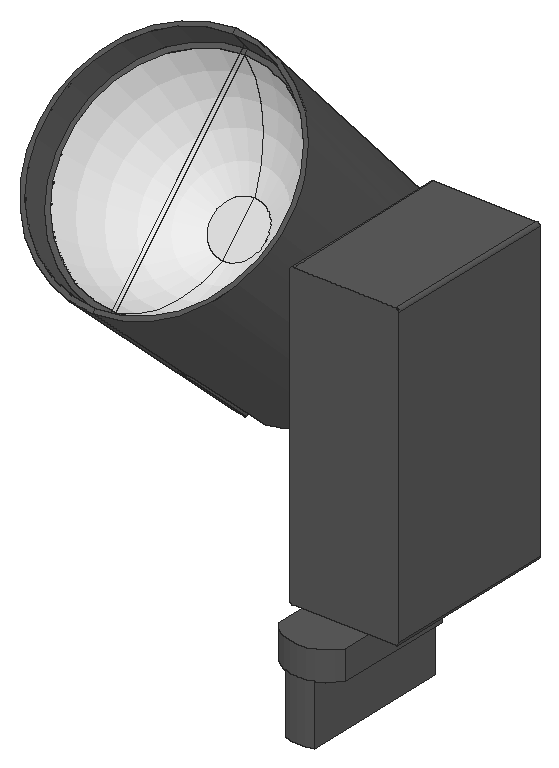
Revit family "0004951 Feilo Sylvania Lighting Fixture START TRACK SPOT L DALI 3616LM 940 MB BLK", category Lighting Fixtures, host Face, Revit 2017 (continued)
Definition of nested family "Start Track Spot Head"
  Types (96, lengths in mm): name | Wattage | built-in parameter 1150134 | Photometric Web File | Model | built-in parameter 1150105 | Lumens | built-in parameter 1150107 | built-in parameter 1150106 | HeadThickness_FEILO | HeadRibOffset_FEILO | HeadRibDepth_FEILO | HeadRibCutWidth_FEILO | HeadRibCutOffset_FEILO | HeadReflectorRadius_FEILO | HeadReflectorOffset_FEILO | HeadLEDRadius_FEILO | HeadHeight_FEILO | HeadDiffusorOffset_FEILO | HeadDiaOut_FEILO | HeadDiaIn_FEILO | HeadAxisFromTop_FEILO | Emit from Circle Diameter | built-in parameter 1150104 | Description | Apparent Load
    0004812 START TRACK SPOT S 14W 3K RA80 MB WHITE | 14 W | (empty or 0) | "0004812.ies" | "START TRACK SPOT S 14W 3K RA80 MB WHITE" | 120.32 (stored number, unit not read) | 1512 lm | 3000 (stored number, unit not read) | 1.2032 (stored number, unit not read) | 1.5 | 4.179 | 55.714 | 7.167 | 50.87 | 50.588 | 55.714 | 9.556 | 117 | 9.435 | 86 | 77.477 | 69.354 | 77.477 | 10.034 (stored number, unit not read) | "Integrated LED spotlight, Textured White - RAL9016, compact and minimalist design, ideal for retail applications, die-cast aluminium body, passive cooling heatsink. Beam angle: 36°, color temperature: 3000K , total system power: 14W, total fixture output: 1508 lm, LOR: 100%, colour rendering: Ra: 80 typical, LED Chromaticity: 3 step MacAdam ellipse, lifetime: >50000 hours at L70B50, energy class: A++, A+, A, IR/UV free light source without heat radiation, operating voltage: 220-240V / 50-60Hz, drive current: 350mA, electronic driver, non-dimmable, power factor: 0.92, electrical protection: Class II, Global Track 3 Phase adapter suitable for Global trac 3-circuit tracks, ingress protection rating: IP20, suitable for internal environment only, horizontal rotation: 355°, vertical tilt: 90°, dimensions: Ø86x140x200, weight: 0.940kg." | 14 VA
    0004811 START TRACK SPOT S 14W 3K RA80 NB WHITE | 14 W | (empty or 0) | "0004811.ies" | "START TRACK SPOT S 14W 3K RA80 NB WHITE" | 123.66 (stored number, unit not read) | 1554 lm | 3000 (stored number, unit not read) | 1.2366 (stored number, unit not read) | 1.5 | 4.179 | 55.714 | 7.167 | 50.87 | 50.588 | 55.714 | 9.556 | 117 | 9.435 | 86 | 77.477 | 69.354 | 77.477 | 10.312 (stored number, unit not read) | "Integrated LED spotlight, Textured White - RAL9016, compact and minimalist design, ideal for retail applications, die-cast aluminium body, passive cooling heatsink. Beam angle: 12°, color temperature: 3000K , total system power: 14W, total fixture output: 1551 lm, LOR: 100%, colour rendering: Ra: 80 typical, LED Chromaticity: 3 step MacAdam ellipse, lifetime: >50000 hours at L70B50, energy class: A++, A+, A, IR/UV free light source without heat radiation, operating voltage: 220-240V / 50-60Hz, drive current: 350mA, electronic driver, non-dimmable, power factor: 0.92, electrical protection: Class II, Global Track 3 Phase adapter suitable for Global trac 3-circuit tracks, ingress protection rating: IP20, suitable for internal environment only, horizontal rotation: 355°, vertical tilt: 90°, dimensions: Ø86x140x200, weight: 0.940kg." | 14 VA
  Reference planes
    plane 1 "Center (Front/Back)": y = 0
    plane 2: z = 0
    plane 3 "Center (Left/Right)": x = 0
    plane 4: x = 43
    plane 5: x = -43
    plane 6: x = -38.739
    plane 7: x = 38.739
    plane 8: z = 69.354
    plane 9: z = -47.646
    plane 10: x = -41.5
    plane 11: x = -37.239
    plane 12: z = -38.211
    plane 13: z = -35.211
    plane 14: z = 8.068
    plane 15: x = -9.556
    plane 16: x = -28.667
    plane 17: x = -19.111
    plane 18: x = -27.167
    plane 19: x = -17.611
    plane 20: x = -8.056
    plane 21: z = 13.64
    plane 22: x = -29.667
    plane 23: x = -26.167
    plane 24: x = -20.111
    plane 25: x = -16.611
    plane 26: x = -10.556
    plane 27: x = -7.056
    plane 28: x = -36.239
    plane 29: x = -40.5
    plane 30: z = 65.175
    plane 31: z = 60.997
    plane 32: z = 56.818
    plane 33: z = 18.484
    plane 34: y = -43
    plane 35: y = 43
    plane 36: y = 3.583
    plane 37: y = -3.583
    plane 38: y = -2.583
    plane 39: y = 2.583
    plane 40: y = 46
    plane 41: z = 13.5
    plane 42: z = -13.5
    plane 43: y = 39
    plane 44: x = 4.708
    plane 45: x = -2.458
    plane 46: x = -1.458
    plane 47: x = 1.458
  Forms (mm)
    Extrusion 1, solid
      sketch origin (4.2, 0, 0) x (1, 0, 0) y (0, 1, 0)
        loop
          line (-1219.2, 1219.2) -> (-1219.2, -1219.2) -> (1219.2, -1219.2) -> (1219.2, 1219.2) -> (-1219.2, 1219.2)
      from 0 to -68.017
    Revolve 2, solid, material <- "Material_1_FEILO", detail levels medium+fine
      sketch origin (0, 0, 0) x (1, 0, 0) y (0, 0, 1)
        loop
          line (-43, -47.646) -> (-41.5, -47.646) -> (-40.5, -35.211) -> (-38.739, -35.211)
          arc (-38.739, -35.211) -> (-30.16, -9.517) -> (-9.556, 8.068) r 50.588
          line (-9.556, 8.068) -> (0, 8.068) -> (0, 13.64) -> (-16.611, 13.64) -> (-17.611, 60.997) -> (-19.111, 60.997) -> (-20.111, 13.64) -> (-36.239, 13.64) -> (-37.239, 69.354) -> (-38.739, 69.354) -> (-43, -47.646)
        axis (0, 69.354) -> (0, -47.646)
      angle from 360 to 0
    Extrusion 3, void
      sketch origin (0, 0, 0) x (0, 1, 0) y (0, 0, 1)
        loop
          line (-3.583, 69.354) -> (-2.583, 18.484) -> (1.932, 18.484) -> (2.932, 69.354) -> (-3.583, 69.354)
      from 43 to -43
    Revolve 4, solid, material <- "Material_2_FEILO", detail levels medium+fine
      sketch origin (0, 0, 0) x (1, 0, 0) y (0, 0, 1)
        loop
          line (-41.5, -38.211) -> (0, -38.211) -> (0, -35.211) -> (-41.5, -35.211) -> (-41.5, -38.211)
        axis (0, -35.211) -> (0, -38.211)
      angle from 360 to 0
    Revolve 5, solid, material <- "Material_1_FEILO"
      sketch origin (0, 0, 0) x (0, 1, 0) y (0, 0, 1)
        loop
          line (46, 0) -> (39, 0) -> (39, -13.5) -> (46, -13.5) -> (46, 0)
        axis (39, 0) -> (46, 0)
      angle from 360 to 0
    Revolve 6, solid, material <- "Material_1_FEILO", detail levels medium+fine
      sketch origin (0, 0, 0) x (1, 0, 0) y (0, 0, 1)
        loop
          line (-29.667, 13.64) -> (-26.167, 13.64) -> (-27.167, 65.175) -> (-28.667, 65.175) -> (-29.667, 13.64)
        loop
          line (-10.556, 13.64) -> (-7.056, 13.64) -> (-7.833, 56.818) -> (-9.778, 56.818) -> (-10.556, 13.64)
        axis (0, 65.175) -> (0, 13.64)
      angle from 360 to 0
    Extrusion 7, void
      sketch origin (0, 0, 0) x (1, 0, 0) y (0, 0, 1)
        loop
          line (4.708, 69.354) -> (-2.458, 69.354) -> (-1.458, 13.64) -> (1.458, 13.64) -> (4.708, 69.354)
      from -43 to 43
    Revolve 8, solid, material <- "Material_1_FEILO", detail levels coarse
      sketch origin (0, 0, 0) x (1, 0, 0) y (0, 0, 1)
        loop
          line (0, 69.354) -> (-38.739, 69.354) -> (-43, -47.646) -> (-41.5, -47.646) -> (-40.731, -38.211) -> (0, -38.211) -> (0, 69.354)
        axis (0, 69.354) -> (0, -47.646)
      angle from 360 to 0
  Cuts and joins
    Extrusion 3 cuts Revolve 2
    Extrusion 7 cuts Revolve 6
  Dimensions and locks
    equal spacing: plane 7, plane 3 "Center (Left/Right)", plane 6
    equal spacing: plane 4, plane 3 "Center (Left/Right)", plane 5
    "HeadDiaOut_FEILO": plane 4 to plane 5
    "HeadDiaIn_FEILO": plane 7 to plane 6
    "HeadHeight_FEILO": plane 8 to plane 9
    "HeadThickness_FEILO": plane 10 to plane 5
    "HeadThickness_FEILO": plane 11 to plane 6
    "HeadDiffusorOffset_FEILO": plane 12 to plane 9
    "HeadDiffusorThickness_FEILO": plane 13 to plane 12
    "HeadReflectorOffset_FEILO": plane 14 to plane 9
    "HeadLEDRadius_FEILO": plane 3 "Center (Left/Right)" to plane 15
    "HeadLEDRadius_FEILO": plane 15 to plane 17
    "HeadLEDRadius_FEILO": plane 17 to plane 16
    "HeadThickness_FEILO": plane 18 to plane 16
    "HeadThickness_FEILO": plane 19 to plane 17
    "HeadThickness_FEILO": plane 20 to plane 15
    "HeadRibDepth_FEILO": plane 8 to plane 21
    "HeadDraft_FEILO": plane 16 to plane 22
    "HeadDraft_FEILO": plane 23 to plane 18
    "HeadDraft_FEILO": plane 17 to plane 24
    "HeadDraft_FEILO": plane 25 to plane 19
    "HeadDraft_FEILO": plane 15 to plane 26
    "HeadDraft_FEILO": plane 27 to plane 20
    "HeadDraft_FEILO": plane 29 to plane 10
    "HeadDraft_FEILO": plane 28 to plane 11
    "HeadRibOffset_FEILO": plane 8 to plane 30
    "HeadRibOffset_FEILO": plane 30 to plane 31
    "HeadRibOffset_FEILO": plane 31 to plane 32
    "HeadAxisFromTop_FEILO": plane 8 to plane 2
    "HeadRibCutOffset_FEILO": plane 8 to plane 33
    equal spacing: plane 34, plane 1 "Center (Front/Back)", plane 35
    "HeadDiaOut_FEILO": plane 34 to plane 35
    equal spacing: plane 38, plane 1 "Center (Front/Back)", plane 39
    equal spacing: plane 37, plane 1 "Center (Front/Back)", plane 36
    "HeadRibCutWidth_FEILO": plane 37 to plane 36
    "HeadDraft_FEILO": plane 37 to plane 38
    locked: plane 35 to plane 40 at 3
    equal spacing: plane 41, plane 2, plane 42
    locked: plane 42 to plane 41 at 27
    locked: plane 43 to plane 35 at 4
    equal spacing: plane 45, imposter light, plane 44
    "HeadDraft_FEILO": plane 46 to plane 45
    "HeadRibCutWidth_FEILO": plane 44 to plane 45
    equal spacing: plane 47, plane 3 "Center (Left/Right)", plane 46
    "HeadReflectorRadius_FEILO": radius of Revolve 2 sketch curve
    aligned and locked: plane 2 to Extrusion 1
    aligned and locked: level to Extrusion 1
    aligned and locked: Revolve 2 sketch curve to plane 3 "Center (Left/Right)"  (x2)
    aligned and locked: plane 9 to Revolve 2 sketch curve  (x2)
    aligned and locked: plane 5 to Revolve 2 sketch curve
    aligned and locked: plane 10 to Revolve 2 sketch curve
    aligned and locked: plane 14 to Revolve 2 sketch curve
    aligned and locked: plane 8 to Revolve 2 sketch curve
    aligned and locked: Revolve 2 sketch curve to plane 13
    aligned and locked: plane 12 to Revolve 4 sketch curve
    aligned and locked: plane 3 "Center (Left/Right)" to Revolve 4 sketch curve
    aligned and locked: Revolve 4 sketch curve to plane 10
    aligned and locked: Revolve 4 sketch curve to plane 3 "Center (Left/Right)"
    aligned and locked: plane 12 to imposter light
    aligned and locked: imposter light to plane 1 "Center (Front/Back)"
    aligned and locked: Revolve 5 sketch curve to plane 2
    aligned and locked: plane 43 to Revolve 5 sketch curve
    aligned and locked: plane 42 to Revolve 5 sketch curve
    aligned and locked: Revolve 6 sketch curve to plane 3 "Center (Left/Right)"
    aligned and locked: plane 22 to Revolve 6 sketch curve
    aligned and locked: plane 30 to Revolve 6 sketch curve
    aligned and locked: plane 23 to Revolve 6 sketch curve
    aligned and locked: Revolve 6 sketch curve to plane 21  (x2)
    aligned and locked: plane 21 to Revolve 6 sketch curve
    aligned and locked: plane 17 to Revolve 2 sketch curve
    aligned and locked: plane 19 to Revolve 2 sketch curve
    aligned and locked: plane 31 to Revolve 2 sketch curve
    aligned and locked: plane 21 to Revolve 2 sketch curve
    aligned and locked: Extrusion 3 to plane 8
    aligned and locked: plane 33 to Extrusion 3
    aligned and locked: plane 8 to Extrusion 3 sketch curve
    aligned and locked: Extrusion 3 sketch curve to plane 33
    aligned and locked: Extrusion 3 to plane 5
    aligned and locked: plane 4 to Extrusion 3
    aligned and locked: plane 32 to Revolve 6 sketch curve
    aligned and locked: plane 44 to Extrusion 7 sketch curve
    aligned and locked: Extrusion 7 sketch curve to plane 8
    aligned and locked: plane 46 to Extrusion 7 sketch curve
    aligned and locked: plane 21 to Extrusion 7 sketch curve
    aligned and locked: plane 34 to Extrusion 7
    aligned and locked: Extrusion 7 to plane 35
    aligned and locked: Revolve 4 sketch curve to plane 13
    aligned and locked: Revolve 5 sketch curve to plane 40
    aligned and locked: Revolve 8 sketch curve to plane 3 "Center (Left/Right)"
    aligned and locked: Revolve 8 sketch curve to cut or joined group of Revolve 2, Extrusion 3  (x3)
    aligned and locked: plane 5 to Revolve 8 sketch curve
    aligned and locked: plane 3 "Center (Left/Right)" to Revolve 8 sketch curve
    aligned and locked: plane 12 to Revolve 8 sketch curve
  Automatic sketch dimensions
    Extrusion 1 sketch curve to Extrusion 1 sketch curve = 2438.4 mm  (x2)
    Extrusion 3 sketch curve to plane 37 = 0 mm
    Extrusion 3 sketch curve to plane 38 = 0 mm
    plane 39 to Extrusion 3 sketch curve = 0.651 mm
    Extrusion 3 sketch curve to plane 39 = 0.349 mm
    Revolve 6 sketch curve to plane 16 = 0 mm
    Revolve 6 sketch curve to plane 18 = 0 mm
    Revolve 6 sketch curve to plane 26 = 0 mm
    Revolve 6 sketch curve to plane 27 = 0 mm
    Revolve 6 sketch curve to plane 15 = 0.222 mm
    plane 9 to Revolve 6 sketch curve = 559.103 mm
    Revolve 6 sketch curve to plane 8 = 2535.555 mm
    plane 20 to Revolve 6 sketch curve = 0.222 mm
    Revolve 2 sketch curve to plane 29 = 0 mm
    Revolve 2 sketch curve to plane 6 = 0 mm  (x2)
    Revolve 2 sketch curve to plane 11 = 0 mm
    Revolve 2 sketch curve to plane 21 = 0 mm
    Revolve 2 sketch curve to plane 28 = 0 mm
    Revolve 2 sketch curve to plane 24 = 0 mm
    Revolve 2 sketch curve to plane 25 = 0 mm
    Revolve 2 sketch curve to plane 15 = 0 mm
    Revolve 2 sketch curve to Revolve 2 sketch curve = 557.155 mm
    Revolve 2 sketch curve to plane 8 = 2535.558 mm
    Extrusion 7 sketch curve to plane 45 = 0 mm
    Extrusion 7 sketch curve to plane 47 = 0 mm
    plane 9 to Revolve 4 sketch curve = 559.103 mm
    Revolve 4 sketch curve to plane 8 = 2535.555 mm
    Revolve 5 sketch curve to level = 0 mm
    plane 34 to Revolve 5 sketch curve = 1968.092 mm
    Revolve 5 sketch curve to plane 40 = 1405.763 mm
    Revolve 8 sketch curve to plane 6 = 0 mm
    Revolve 8 sketch curve to plane 29 = 0.231 mm
    plane 9 to Revolve 8 sketch curve = 559.103 mm
    Revolve 8 sketch curve to Revolve 8 sketch curve = 2535.555 mm
Definition of nested family "Start Track Spot Box"
  Parameters (values of type "Type Large White")
    URL = "http://www.feilosylvania.com"
    Type Image = (empty or 0)
    Type Comments = "n/a"
    Small_FEILO = no
    Material_3_FEILO = none
    Model = ""
    Manufacturer = "Feilo Sylvania"
    Keynote = ""
    Material_2_FEILO = none
    Description = ""
    Default Elevation = 1219.2 mm
    Cost = 0
    Material_1_FEILO = none
    BoxWidth_FEILO = 49 mm
    BoxStartAngle_FEILO [instance] = 0.00°
    BoxRadius_FEILO = 1.5 mm
    BoxHeight_FEILO = if(Small_FEILO, 112 mm, 136 mm)  # 136 mm
    BoxEndAngle_FEILO [instance] = BoxStartAngle_FEILO - 180.00°  # -180.00°
    BoxDepth_FEILO = if(Small_FEILO, 71.5 mm, 79 mm)  # 79 mm
    BoxAxisVerticalOffset_FEILO = 16 mm
    BoxAxisOffset_FEILO = BoxHeight_FEILO / 6.8  # 20 mm
    Assembly Code = ""
    Material_4_FEILO = none
  Types (4, lengths in mm): name | Small_FEILO | BoxHeight_FEILO | BoxDepth_FEILO | BoxAxisOffset_FEILO
    Type Large White | no | 136 | 79 | 20
    Type Small White | yes | 112 | 71.5 | 16.471
    Type Small Black | yes | 112 | 71.5 | 16.471
    Type Large Black | no | 136 | 79 | 20
  Reference planes
    plane 1 "Center (Front/Back)": y = 0
    plane 2: z = 0
    plane 3 "Center (Left/Right)": x = 0
    plane 4: x = 24.5
    plane 5: x = -24.5
    plane 6: y = 68
    plane 7: y = -68
    plane 8: z = 39.5
    plane 9: z = -39.5
    plane 10: y = -48
    plane 11: x = 30.5
    plane 12: x = 8.5
    plane 13: x = 21.5
    plane 14: y = 70
    plane 15: y = 72
    plane 16: x = 19.5
  Forms (mm)
    Extrusion 1, solid
      sketch origin (4.2, 0, 0) x (1, 0, 0) y (0, 1, 0)
        loop
          line (-1219.2, 1219.2) -> (-1219.2, -1219.2) -> (1219.2, -1219.2) -> (1219.2, 1219.2) -> (-1219.2, 1219.2)
      from 0 to -68.017
    Extrusion 2, solid, material <- "Material_1_FEILO"
      sketch origin (0, 0, 0) x (1, 0, 0) y (0, 1, 0)
        loop
          arc (-23, 68) -> (-24.061, 67.561) -> (-24.5, 66.5) r 1.5
          line (-24.5, 66.5) -> (-24.5, -66.5)
          arc (-24.5, -66.5) -> (-24.061, -67.561) -> (-23, -68) r 1.5
          line (-23, -68) -> (23, -68)
          arc (23, -68) -> (24.061, -67.561) -> (24.5, -66.5) r 1.5
          line (24.5, -66.5) -> (24.5, 66.5)
          arc (24.5, 66.5) -> (24.061, 67.561) -> (23, 68) r 1.5
          line (23, 68) -> (-23, 68)
      from -39.5 to 39.5
    Revolve 3, solid, not visible
      sketch origin (0, 0, 0) x (1, 0, 0) y (0, 1, 0)
        loop
          line (30.5, -48) -> (24.5, -48) -> (24.5, -68) -> (30.5, -68) -> (30.5, -48)
        axis (30.5, -48) -> (24.5, -48)
      angle from 0 <- "BoxStartAngle_FEILO" to -180 <- "BoxEndAngle_FEILO"
    Revolve 4, solid, material <- "Material_2_FEILO"
      sketch origin (0, 0, 0) x (1, 0, 0) y (0, 1, 0)
        loop
          line (8.5, 68) -> (19.5, 68) -> (19.5, 70) -> (21.5, 70) -> (21.5, 72) -> (8.5, 72) -> (8.5, 68)
        axis (8.5, 72) -> (8.5, 68)
      angle from 360 to 0
  Dimensions and locks
    equal spacing: plane 5, plane 3 "Center (Left/Right)", plane 4
    "BoxWidth_FEILO": plane 5 to plane 4
    equal spacing: plane 7, plane 1 "Center (Front/Back)", plane 6
    "BoxHeight_FEILO": plane 7 to plane 6
    equal spacing: plane 8, plane 2, plane 9
    "BoxDepth_FEILO": plane 8 to plane 9
    "BoxAxisOffset_FEILO": plane 7 to plane 10
    locked: plane 4 to plane 11 at 6
    "BoxAxisVerticalOffset_FEILO": plane 12 to plane 4
    locked: plane 12 to plane 13 at 13
    plane 6 to plane 14 to plane 15 = 2 mm locked, 2 mm locked
    locked: plane 12 to plane 16 at 11
    "BoxRadius_FEILO": radius of Extrusion 2 sketch curve  (x4)
    aligned and locked: plane 2 to Extrusion 1
    aligned and locked: level to Extrusion 1
    aligned and locked: plane 6 to Extrusion 2 sketch curve
    aligned and locked: plane 5 to Extrusion 2 sketch curve
    aligned and locked: Extrusion 2 sketch curve to plane 7
    aligned and locked: Extrusion 2 sketch curve to plane 4
    aligned and locked: Extrusion 2 to plane 8
    aligned and locked: plane 9 to Extrusion 2
    aligned and locked: Revolve 3 sketch curve to plane 10  (x2)
    aligned and locked: plane 11 to Revolve 3 sketch curve
    aligned and locked: Revolve 3 sketch curve to plane 4
    aligned and locked: plane 7 to Revolve 3 sketch curve
    aligned and locked: Revolve 4 sketch curve to plane 12
    aligned and locked: plane 6 to Revolve 4 sketch curve
    aligned and locked: plane 12 to Revolve 4 sketch curve
    aligned and locked: plane 15 to Revolve 4 sketch curve
    aligned and locked: Revolve 4 sketch curve to plane 13
    aligned and locked: Revolve 4 sketch curve to plane 14
    aligned and locked: Revolve 4 sketch curve to plane 16
    aligned and locked: Revolve 4 sketch curve to plane 6
  Automatic sketch dimensions
    Extrusion 1 sketch curve to Extrusion 1 sketch curve = 2438.4 mm  (x2)
    Revolve 3 sketch curve to plane 5 = 1499.5 mm
    plane 11 to Revolve 3 sketch curve = 1493.5 mm
    plane 15 to Revolve 4 sketch curve = 0 mm
    plane 7 to Revolve 4 sketch curve = 1456 mm
    Revolve 4 sketch curve to plane 15 = 1452 mm
